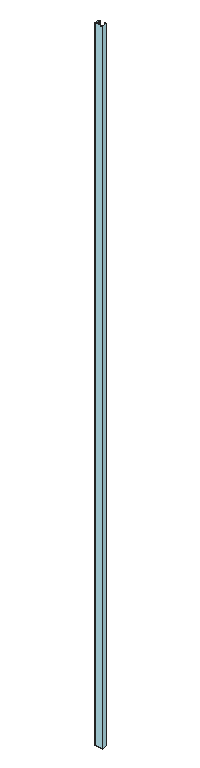
Revit family "AS-50×28×10×1.6（折曲加工）", category 機械設備, Revit 2020
Family settings
  丸型コネクタ寸法 = 直径を使用
  種別 = なし
  パーツ タイプ = 標準
  作業面ベース = いいえ
  常に垂直 = はい
  ロード時にボイドで切り取り = いいえ
  共有 = いいえ
  部屋計算ポイント = いいえ
Parameters
  製造元 = "株式会社桐井製作所"
  既定の高さ = 0 mm
  URL = "https://www.kirii.co.jp/"
  K_長さ(mm) [instance] = 4000 mm
  K_外形寸法(mm) = "50×28×10×1.6"
  K_品名 = "リップ付チャンネルAS-50×28×10×1.6(折曲加工)"
  K_名称 = "斜め部材(ブレース材)"
  K_バージョン情報 = "20211216"
Reference planes
  plane 1 "中心(正面/背面)": y = 0
  plane 2: z = 0
  plane 3 "中心(左/右)": x = 0
  plane 4: x = 25
  plane 5: x = -25
  plane 6: z = 4000
  plane 7: y = 28
Forms (mm)
  Extrusion 1, solid
    sketch origin (27.5, 1, 0) x (1, 0, 0) y (0, 1, 0)
      loop
        line (-52.5, 27) -> (-52.5, -1) -> (-2.5, -1) -> (-2.5, 27) -> (-12.5, 27) -> (-12.5, 25.4) -> (-4.1, 25.4) -> (-4.1, 0.6) -> (-50.9, 0.6) -> (-50.9, 25.4) -> (-42.5, 25.4) -> (-42.5, 27) -> (-52.5, 27)
    from 0 to 4000
Dimensions and locks
  "K_長さ(mm)": plane 6 to plane 2
  aligned and locked: level to plane 2
  aligned and locked: plane 6 to Extrusion 1
Automatic sketch dimensions
  Extrusion 1 sketch curve to plane 5 = 0 mm
  plane 1 "中心(正面/背面)" to Extrusion 1 sketch curve = 0 mm
  plane 7 to Extrusion 1 sketch curve = 0 mm  (x2)
  Extrusion 1 sketch curve to plane 4 = 0 mm
  Extrusion 1 sketch curve to Extrusion 1 sketch curve = 1.6 mm
  Extrusion 1 sketch curve to Extrusion 1 sketch curve = 8.4 mm
  Extrusion 1 sketch curve to plane 4 = 10 mm
  Extrusion 1 sketch curve to plane 4 = 1.6 mm
  Extrusion 1 sketch curve to plane 1 "中心(正面/背面)" = 1.6 mm
  plane 7 to Extrusion 1 sketch curve = 1.6 mm  (x2)
